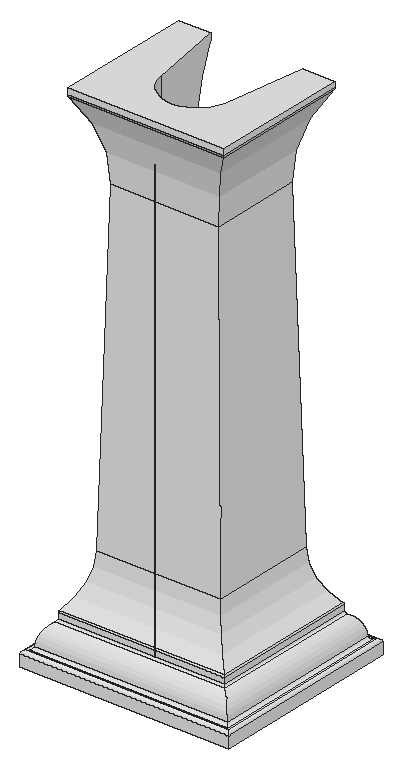
Revit family "Sink-Pedestal-KOHLER-Memoirs-K-2267X_1", category Specialty Equipment, host Face, Revit 2017
Family settings
  Host = Face
  Round Connector Dimension = Use Diameter
  Part Type = Normal
  OmniClass Number = 23.31.25.00
  OmniClass Title = Toilet and Bath Specialties
  Cut with Voids When Loaded = No
  Shared = No
  Room Calculation Point = No
Parameters (values of type "0-White")
  Width = 11.04331"  # constant formula
  WaterSense Certified = 1 = 0  # no
  URL = "https://www.kohler.co.th/en"
  Type = 1
  Product Page URL = "https://www.kohler.co.th/en/productDetails/2267X?skuid=2267X-0"
  Product Name = "Memoirs"  # constant formula
  Product Documentation Link = "http://resources.kohler.com/plumbing/kohlerapac/pdf/115706-X4-D.pdf"
  Model = "K-2267X-0"  # constant formula
  Material = "Fireclay"  # constant formula
  Master Format 2014 Name = "Toilet, Bath, and Laundry Accessories"  # constant formula
  Master Format 2014 = "10 28 00"  # constant formula
  Manufacturer Address = "16th Floor, Jasmine City Building 2, Soi Sukhumvit 23, Sukhumvit Road, Khlong Toei Nuea, Watthana, Bangkok 10110"  # constant formula
  Manufacturer = "KOHLER Co."  # constant formula
  Length = 10.12598"  # constant formula
  Height = 27.24016"  # constant formula
  Finish = KOHLER-Fireclay-0-White
  Environmental Product Declaration = ""
  Description = "Pedestal Lavatory"  # constant formula
  Default Elevation = 0"
  Declare Label = ""
  Date Modified = "08/13/2020"  # constant formula
  Date Created = "08/13/2020"  # constant formula
  Copyright = "Copyright KOHLER Co."  # constant formula
  Contact Us = "https://www.kohler.co.th/en/contact-us"
  Assembly Code = "C1030200"
  ADA Compliant = 1 = 0  # no
Reference planes (in)
  plane 1 "Center (Front/Back)": y = 0
  plane 2: z = 0
  plane 3 "Center (Left/Right)": x = 0
  plane 4: x = 5.52099
  plane 5: x = -5.52231
  plane 6: y = -10.12598
  plane 7: y = -5.06234
  plane 8: z = 27.24016
Dimensions and locks (in)
  "Height": plane 8 to plane 2
  "Length": plane 6 to plane 1 "Center (Front/Back)"
  "Width": plane 5 to plane 4
  plane 1 "Center (Front/Back)" to plane 7 = 5.06234"
  aligned and locked: plane 2 to host face
  aligned and locked: level to host face
Automatic sketch dimensions
  host sketch curve to host sketch curve = 96"  (x2)
Nested families (in)
  nested 1: "K-2267X" at (0, -6.875, 0), type "K-2267X"
Definition of nested family "K-2267X"
  Parameters (values of type "K-2267X")
    Material = none
  Reference planes (in)
    plane 1 "Center (Front/Back)": y = 0
    plane 2: z = 0
    plane 3 "Center (Left/Right)": x = 0
    plane 4: z = 27.241
    plane 5: x = -5.52099
    plane 6: x = 5.52099
    plane 7: y = 6.875
    plane 8: y = 1.81266
    plane 9: y = -3.24969
  Forms (in)
    Sweep 1, solid, material <- "Material", detail levels medium+fine
      path origin (0, 0, 0) x (1, 0, 0) y (0, 1, 0)
        loop
          line (5.52099, -3.24969) -> (5.52099, 6.875) -> (-5.52099, 6.875) -> (-5.52099, -3.24969) -> (5.52099, -3.24969)
      profile origin (0, -3.24969, 0) x (0, -1, 0) y (0, 0, 1)
        loop
          line (0, 0) -> (0, 0.57898)
          arc (0, 0.57898) -> (-0.04951, 0.6985) -> (-0.16903, 0.74801) r 0.16903
          line (-0.16903, 0.74801) -> (-0.28352, 0.74801)
          arc (-0.28352, 0.74801) -> (-0.39581, 0.79548) -> (-0.44, 0.90912) r 0.15655
          arc (-0.44, 0.90912) -> (-0.59374, 1.54863) -> (-1.04974, 2.02264) r 1.2554
          arc (-1.04974, 2.02264) -> (-1.10121, 2.07538) -> (-1.12, 2.14663) r 0.14453
          line (-1.12, 2.14663) -> (-1.12, 2.44427)
          arc (-1.12, 2.44427) -> (-1.12989, 2.49709) -> (-1.15821, 2.54275) r 0.14601
          arc (-1.15821, 2.54275) -> (-1.9545, 3.81492) -> (-2.24884, 5.28661) r 4.17013
          arc (-2.24884, 5.28661) -> (-2.42092, 13.93618) -> (-2.65233, 22.58437) r 1261.0172
          arc (-2.65233, 22.58437) -> (-2.3739, 24.80473) -> (-1.43169, 26.83445) r 7.25085
          arc (-1.43169, 26.83445) -> (-1.41102, 26.87812) -> (-1.40392, 26.92591) r 0.16451
          line (-1.40392, 26.92591) -> (-1.40392, 27.241) -> (-3.24969, 27.241) -> (-3.24969, 0) -> (0, 0)
    Extrusion 2, solid, material <- "Material", detail levels coarse
      sketch origin (0, 0, 0) x (1, 0, 0) y (0, 0, 1)
        loop
          line (-5.52099, 0) -> (5.52588, 0) -> (5.52588, 2.5) -> (-5.52099, 2.5) -> (-5.52099, 0)
      from -6.875 to 3.24969
    Extrusion 3, solid, material <- "Material", detail levels coarse
      sketch origin (0, 0, 0) x (1, 0, 0) y (0, 0, 1)
        loop
          line (-3.24207, 27.241) -> (-3.24207, 1.991) -> (3.25793, 1.991) -> (3.25793, 27.241) -> (-3.24207, 27.241)
      from -4.63351 to 0.94915
    Extrusion 4, solid, material <- "Material", detail levels medium+fine
      sketch origin (0, 0, 0) x (1, 0, 0) y (0, 1, 0)
        loop
          line (2.27131, 3.62531) -> (-2.27131, 3.62531) -> (-2.27131, 0) -> (2.27131, 0) -> (2.27131, 3.62531)
      from 0 to 27.241
    Extrusion 5, void
      sketch origin (0, 0, 0) x (1, 0, 0) y (0, 1, 0)
        loop
          line (2.75397, 7.375) -> (-2.75397, 7.375) -> (-1.74381, 1.29357)
          arc (-1.74381, 1.29357) -> (0, -0.18448) -> (1.74381, 1.29357) r 1.7677
          line (1.74381, 1.29357) -> (2.75397, 7.375)
      from -1.76842 to 28.49561
    Extrusion 6, solid, material <- "Material", detail levels medium+fine
      sketch origin (0, 0, 0) x (1, 0, 0) y (0, 1, 0)
        loop
          arc (-1.74381, 1.29357) -> (0, -0.18448) -> (1.74381, 1.29357) r 1.7677
          line (1.74381, 1.29357) -> (2.66658, 6.84888)
          arc (2.66658, 6.84888) -> (2.55942, 6.84386) -> (2.49728, 6.75641) r 0.12253
          line (2.49728, 6.75641) -> (2.19675, 4.9471)
          arc (2.19675, 4.9471) -> (2.09007, 4.75912) -> (1.88715, 4.68469) r 0.31384
          line (1.88715, 4.68469) -> (-1.88715, 4.68469)
          arc (-1.88715, 4.68469) -> (-2.09007, 4.75912) -> (-2.19675, 4.9471) r 0.31384
          line (-2.19675, 4.9471) -> (-2.49728, 6.75641)
          arc (-2.49728, 6.75641) -> (-2.55942, 6.84386) -> (-2.66658, 6.84888) r 0.12253
          line (-2.66658, 6.84888) -> (-1.74381, 1.29357)
        loop
          circle (0, 1.81266) r 0.25
      from 0 to 0.35656
  Cuts and joins
    Extrusion 5 cuts Extrusion 3
    joined: Extrusion 2, Extrusion 3
    Extrusion 5 cuts Sweep 1
    Extrusion 5 cuts Extrusion 4
    joined: Sweep 1, Extrusion 4, Extrusion 6
  Lines and regions (in)
    Masking region 1
      outline origin (0, 0, 0) x (0, 1, 0) y (0, 0, 1)
        loop
          line (-3.24969, 0) -> (6.87469, 0) -> (6.87469, 0.57898)
          arc (6.87469, 0.57898) -> (6.82518, 0.6985) -> (6.70566, 0.74801) r 0.16903
          line (6.70566, 0.74801) -> (6.59117, 0.74801)
          arc (6.59117, 0.74801) -> (6.47887, 0.79548) -> (6.43469, 0.90912) r 0.15655
          arc (6.43469, 0.90912) -> (6.28095, 1.54863) -> (5.82495, 2.02264) r 1.2554
          arc (5.82495, 2.02264) -> (5.77347, 2.07538) -> (5.75469, 2.14663) r 0.14453
          line (5.75469, 2.14663) -> (5.75469, 2.44427)
          arc (5.75469, 2.44427) -> (5.7448, 2.49709) -> (5.71648, 2.54275) r 0.14601
          arc (5.71648, 2.54275) -> (4.92019, 3.81492) -> (4.62585, 5.28661) r 4.17013
          arc (4.62585, 5.28661) -> (4.45377, 13.93618) -> (4.22236, 22.58437) r 1261.0172
          arc (4.22236, 22.58437) -> (4.50079, 24.80473) -> (5.44299, 26.83445) r 7.25085
          arc (5.44299, 26.83445) -> (5.46367, 26.87812) -> (5.47076, 26.92591) r 0.16451
          line (5.47076, 26.92591) -> (5.47076, 27.241) -> (-1.84576, 27.241) -> (-1.84576, 26.92591)
          arc (-1.84576, 26.92591) -> (-1.83867, 26.87812) -> (-1.81799, 26.83445) r 0.16451
          arc (-1.81799, 26.83445) -> (-0.87579, 24.80473) -> (-0.59736, 22.58437) r 7.25085
          arc (-0.59736, 22.58437) -> (-0.82877, 13.93618) -> (-1.00085, 5.28661) r 1261.0172
          arc (-1.00085, 5.28661) -> (-1.29519, 3.81492) -> (-2.09148, 2.54275) r 4.17013
          arc (-2.09148, 2.54275) -> (-2.1198, 2.49709) -> (-2.12969, 2.44427) r 0.14601
          line (-2.12969, 2.44427) -> (-2.12969, 2.14663)
          arc (-2.12969, 2.14663) -> (-2.14847, 2.07538) -> (-2.19995, 2.02264) r 0.14453
          arc (-2.19995, 2.02264) -> (-2.65595, 1.54863) -> (-2.80969, 0.90912) r 1.2554
          arc (-2.80969, 0.90912) -> (-2.85387, 0.79548) -> (-2.96617, 0.74801) r 0.15655
          line (-2.96617, 0.74801) -> (-3.08066, 0.74801)
          arc (-3.08066, 0.74801) -> (-3.20018, 0.6985) -> (-3.24969, 0.57898) r 0.16903
          line (-3.24969, 0.57898) -> (-3.24969, 0)
    Masking region 2
      outline origin (0, 0, 0) x (1, 0, 0) y (0, 0, 1)
        loop
          line (-5.52099, 0) -> (5.52099, 0) -> (5.52099, 0.57898)
          arc (5.52099, 0.57898) -> (5.47149, 0.6985) -> (5.35197, 0.74801) r 0.16903
          line (5.35197, 0.74801) -> (5.23748, 0.74801)
          arc (5.23748, 0.74801) -> (5.12518, 0.79548) -> (5.08099, 0.90912) r 0.15655
          arc (5.08099, 0.90912) -> (4.92725, 1.54863) -> (4.47125, 2.02264) r 1.2554
          arc (4.47125, 2.02264) -> (4.41978, 2.07538) -> (4.40099, 2.14663) r 0.14453
          line (4.40099, 2.14663) -> (4.40099, 2.44427)
          arc (4.40099, 2.44427) -> (4.39111, 2.49709) -> (4.36279, 2.54275) r 0.14601
          arc (4.36279, 2.54275) -> (3.56649, 3.81492) -> (3.27215, 5.28661) r 4.17013
          arc (3.27215, 5.28661) -> (3.10008, 13.93618) -> (2.86867, 22.58437) r 1261.0172
          arc (2.86867, 22.58437) -> (3.14709, 24.80473) -> (4.0893, 26.83445) r 7.25085
          arc (4.0893, 26.83445) -> (4.10997, 26.87812) -> (4.11707, 26.92591) r 0.16451
          line (4.11707, 26.92591) -> (4.11707, 27.241) -> (-4.11707, 27.241) -> (-4.11707, 26.92591)
          arc (-4.11707, 26.92591) -> (-4.10997, 26.87812) -> (-4.0893, 26.83445) r 0.16451
          arc (-4.0893, 26.83445) -> (-3.14709, 24.80473) -> (-2.86867, 22.58437) r 7.25085
          arc (-2.86867, 22.58437) -> (-3.10008, 13.93618) -> (-3.27215, 5.28661) r 1261.0172
          arc (-3.27215, 5.28661) -> (-3.56649, 3.81492) -> (-4.36279, 2.54275) r 4.17013
          arc (-4.36279, 2.54275) -> (-4.39111, 2.49709) -> (-4.40099, 2.44427) r 0.14601
          line (-4.40099, 2.44427) -> (-4.40099, 2.14663)
          arc (-4.40099, 2.14663) -> (-4.41978, 2.07538) -> (-4.47125, 2.02264) r 0.14453
          arc (-4.47125, 2.02264) -> (-4.92725, 1.54863) -> (-5.08099, 0.90912) r 1.2554
          arc (-5.08099, 0.90912) -> (-5.12518, 0.79548) -> (-5.23748, 0.74801) r 0.15655
          line (-5.23748, 0.74801) -> (-5.35197, 0.74801)
          arc (-5.35197, 0.74801) -> (-5.47149, 0.6985) -> (-5.52099, 0.57898) r 0.16903
          line (-5.52099, 0.57898) -> (-5.52099, 0)
    Masking region 3
      outline origin (0, 0, 0) x (1, 0, 0) y (0, 1, 0)
        loop
          line (5.52099, -3.24969) -> (5.52099, 6.875) -> (2.59313, 6.875)
          arc (2.59313, 6.875) -> (2.53504, 6.85369) -> (2.5045, 6.79988) r 0.08984
          line (2.5045, 6.79988) -> (2.19675, 4.9471)
          arc (2.19675, 4.9471) -> (2.09007, 4.75912) -> (1.88715, 4.68469) r 0.31384
          line (1.88715, 4.68469) -> (-1.88715, 4.68469)
          arc (-1.88715, 4.68469) -> (-2.09007, 4.75912) -> (-2.19675, 4.9471) r 0.31384
          line (-2.19675, 4.9471) -> (-2.50429, 6.79857)
          arc (-2.50429, 6.79857) -> (-2.53536, 6.85332) -> (-2.59446, 6.875) r 0.0914
          line (-2.59446, 6.875) -> (-5.52099, 6.875) -> (-5.52099, -3.24969) -> (5.52099, -3.24969)
    symbolic lines, detail levels medium+fine
      curve 1: line (0, -1.84576, 26.92591) -> (0, 5.47103, 26.92591)
      curve 2: line (0, -2.20008, 2.02325) -> (0, 5.8254, 2.02325)
      curve 3: line (0, -2.96577, 0.75148) -> (0, 6.59109, 0.75148)
      curve 4: line (-4.08927, 0, 26.83449) -> (4.08927, 0, 26.83449)
      curve 5: line (-5.23708, 0, 0.75148) -> (5.23708, 0, 0.75148)
      curve 6: line (-4.47139, 0, 2.02325) -> (4.47023, 0, 2.02325)
      curve 7: line (-2.67092, 6.875, 0) -> (-1.74381, 1.29357, 0)
      curve 8: arc (-1.74381, 1.29357, 0) -> (0, -0.18448, 0) -> (1.74381, 1.29357, 0) r 1.7677
      curve 9: line (1.74381, 1.29357, 0) -> (2.67092, 6.875, 0)
      curve 10: line (4.11707, -1.84576, 0) -> (4.11707, 5.47112, 0)
      curve 11: line (4.36255, 5.75457, 0) -> (4.40099, -2.12969, 0)
      curve 12: line (5.07852, -2.80969, 0) -> (5.07852, 6.43253, 0)
      curve 13: line (-4.11711, 5.47112, 0) -> (-4.11707, -1.84576, 0)
      curve 14: line (-4.40056, 5.75457, 0) -> (-4.40099, -2.12969, 0)
      curve 15: line (-5.08099, -2.80969, 0) -> (-5.07852, 6.43253, 0)
      curve 16: line (-4.11707, -1.84576, 0) -> (4.11707, -1.84576, 0)
      curve 17: line (-4.40099, -2.12969, 0) -> (4.40099, -2.12969, 0)
      curve 18: line (-5.08099, -2.80969, 0) -> (5.07852, -2.80969, 0)
      curve 19: circle (0, 1.81266, 0) r 0.25 normal (0, 0, -1)
      curve 20: line (4.11707, 5.47112, 0) -> (2.43772, 5.47112, 0)
      curve 21: line (4.36255, 5.75457, 0) -> (2.48481, 5.75457, 0)
      curve 22: line (5.07852, 6.43253, 0) -> (2.59742, 6.43253, 0)
      curve 23: line (-4.11711, 5.47112, 0) -> (-2.43772, 5.47112, 0)
      curve 24: line (-4.40056, 5.75457, 0) -> (-2.48481, 5.75457, 0)
      curve 25: line (-5.07852, 6.43253, 0) -> (-2.59742, 6.43253, 0)
      curve 26: line (-4.40099, 0, 2.44427) -> (4.40099, 0, 2.44427)
      curve 27: line (0, -2.12969, 2.44427) -> (0, 5.75469, 2.44427)
  Dimensions and locks (in)
    equal spacing: plane 5, plane 3 "Center (Left/Right)", plane 6
    plane 5 to plane 6 = 11.04198"
    plane 4 to plane 2 = 27.241"
    aligned and locked: plane 2 to level
  Automatic sketch dimensions
    Sweep 1 sketch curve to plane 5 = 0"
    Sweep 1 sketch curve to plane 6 = 0"
    plane 1 "Center (Front/Back)" to Sweep 1 sketch curve = 3.24969"
    Sweep 1 sketch curve to level = 0"
    Sweep 1 sketch curve to profile plane = 0"
    profile plane to Sweep 1 sketch curve = 0.16903"
    Sweep 1 sketch curve to Sweep 1 sketch curve = 0.11449"
    profile plane to Sweep 1 sketch curve = 0.97547"
    Sweep 1 sketch curve to Sweep 1 sketch curve = 37/256"
    Sweep 1 sketch curve to Sweep 1 sketch curve = 0.14601"
    profile plane to Sweep 1 sketch curve = 1.40392"
    Sweep 1 sketch curve to Sweep 1 sketch curve = 0.16451"
    Sweep 1 sketch curve to Sweep 1 sketch curve = 0.57487"
    Sweep 1 sketch curve to Sweep 1 sketch curve = 1.68125"
    Sweep 1 sketch curve to level = 15.47013"
    Sweep 1 sketch curve to Sweep 1 sketch curve = 1259.84551"
    Sweep 1 sketch curve to profile plane = 1.92072"
    Sweep 1 sketch curve to profile plane = 4.59522"
    level to Sweep 1 sketch curve = 0.57898"
    Sweep 1 sketch curve to Sweep 1 sketch curve = 0.15655"
    level to Sweep 1 sketch curve = 0.94568"
    Sweep 1 sketch curve to Sweep 1 sketch curve = 1.20095"
    Sweep 1 sketch curve to Sweep 1 sketch curve = 0.29764"
    Sweep 1 sketch curve to Sweep 1 sketch curve = 2.91098"
    Sweep 1 sketch curve to Sweep 1 sketch curve = 17.44793"
    Sweep 1 sketch curve to Sweep 1 sketch curve = 4.12273"
    Sweep 1 sketch curve to Sweep 1 sketch curve = 0.31509"
    Sweep 1 sketch curve to Sweep 1 sketch curve = 0"  (x4)
    Masking region 1 sketch curve to level = 0"
    plane 4 to Masking region 1 sketch curve = 0"
    Masking region 1 sketch curve to level = 15.47013"  (x2)
    plane 1 "Center (Front/Back)" to Masking region 1 sketch curve = 1256.22051"
    plane 1 "Center (Front/Back)" to Masking region 1 sketch curve = 7.84491"
    plane 1 "Center (Front/Back)" to Masking region 1 sketch curve = 5.17041"
    level to Masking region 1 sketch curve = 0.57898"  (x2)
    plane 1 "Center (Front/Back)" to Masking region 1 sketch curve = 3.24969"
    Masking region 1 sketch curve to Masking region 1 sketch curve = 0.16903"  (x2)
    Masking region 1 sketch curve to Masking region 1 sketch curve = 0.11449"  (x2)
    Masking region 1 sketch curve to Masking region 1 sketch curve = 0.69195"
    Masking region 1 sketch curve to Masking region 1 sketch curve = 37/256"  (x2)
    Masking region 1 sketch curve to Masking region 1 sketch curve = 0.14601"  (x2)
    plane 1 "Center (Front/Back)" to Masking region 1 sketch curve = 1.84576"
    Masking region 1 sketch curve to Masking region 1 sketch curve = 0.16451"  (x2)
    Masking region 1 sketch curve to Masking region 1 sketch curve = 0.57487"
    level to Masking region 1 sketch curve = 0.94568"  (x2)
    plane 4 to Masking region 1 sketch curve = 0.31509"
    Masking region 1 sketch curve to Masking region 1 sketch curve = 0.42886"
    Masking region 1 sketch curve to Masking region 1 sketch curve = 1.41135"
    Masking region 1 sketch curve to Masking region 1 sketch curve = 3.04072"
    Masking region 1 sketch curve to Masking region 1 sketch curve = 5.99914"
    Masking region 1 sketch curve to Masking region 1 sketch curve = 1248.37561"
    Masking region 1 sketch curve to Masking region 1 sketch curve = 0.15655"  (x2)
    Masking region 1 sketch curve to Masking region 1 sketch curve = 1.23752"  (x2)
    Masking region 1 sketch curve to Masking region 1 sketch curve = 0.29764"  (x2)
    Masking region 1 sketch curve to Masking region 1 sketch curve = 2.91098"  (x2)
    plane 4 to Masking region 1 sketch curve = 4.43782"  (x2)
    Masking region 1 sketch curve to Masking region 1 sketch curve = 0.31509"
    Masking region 1 sketch curve to Masking region 1 sketch curve = 0"  (x7)
    Masking region 2 sketch curve to level = 0"
    plane 5 to Masking region 2 sketch curve = 0"
    Masking region 2 sketch curve to plane 4 = 0"
    Masking region 2 sketch curve to plane 6 = 0"
    plane 5 to Masking region 2 sketch curve = 1.92072"
    plane 5 to Masking region 2 sketch curve = 4.59522"
    Masking region 2 sketch curve to level = 15.47013"  (x2)
    Masking region 2 sketch curve to Masking region 2 sketch curve = 1247.458"  (x2)
    Masking region 2 sketch curve to plane 5 = 0.16903"
    Masking region 2 sketch curve to Masking region 2 sketch curve = 0.11449"  (x2)
    Masking region 2 sketch curve to plane 5 = 0.97547"
    Masking region 2 sketch curve to Masking region 2 sketch curve = 37/256"  (x2)
    Masking region 2 sketch curve to Masking region 2 sketch curve = 0.14601"  (x2)
    plane 4 to Masking region 2 sketch curve = 0.31509"  (x2)
    Masking region 2 sketch curve to plane 5 = 1.40392"
    Masking region 2 sketch curve to Masking region 2 sketch curve = 0.16451"  (x2)
    Masking region 2 sketch curve to Masking region 2 sketch curve = 0.57487"
    Masking region 2 sketch curve to plane 6 = 1.69487"
    Masking region 2 sketch curve to plane 6 = 1.56843"
    Masking region 2 sketch curve to plane 6 = 1.26601"
    Masking region 2 sketch curve to plane 6 = 0.28352"
    plane 6 to Masking region 2 sketch curve = 1.92072"
    plane 6 to Masking region 2 sketch curve = 4.59522"
    Masking region 2 sketch curve to Masking region 2 sketch curve = 0.57898"
    level to Masking region 2 sketch curve = 0.57898"
    Masking region 2 sketch curve to Masking region 2 sketch curve = 0.15655"  (x2)
    level to Masking region 2 sketch curve = 0.94568"  (x2)
    Masking region 2 sketch curve to Masking region 2 sketch curve = 1.23752"  (x2)
    Masking region 2 sketch curve to Masking region 2 sketch curve = 0.29764"  (x2)
    Masking region 2 sketch curve to Masking region 2 sketch curve = 2.91098"  (x2)
    plane 4 to Masking region 2 sketch curve = 4.43782"  (x2)
    Masking region 2 sketch curve to Masking region 2 sketch curve = 0"  (x7)
    Masking region 2 sketch curve to plane 6 = 2 167/256"
    plane 5 to Extrusion 2 sketch curve = 0"
    Extrusion 2 sketch curve to level = 0"
    plane 6 to Extrusion 2 sketch curve = 0.00489"
    Extrusion 2 sketch curve to Extrusion 2 sketch curve = 2 1/2"
    Extrusion 3 sketch curve to plane 4 = 0"
    Extrusion 3 sketch curve to plane 5 = 2.27892"
    Extrusion 3 sketch curve to plane 6 = 2.26306"
    level to Extrusion 3 sketch curve = 1.991"
    plane 1 "Center (Front/Back)" to Extrusion 4 sketch curve = 0"
    Extrusion 4 sketch curve to plane 3 "Center (Left/Right)" = 2.27131"
    plane 3 "Center (Left/Right)" to Extrusion 4 sketch curve = 2.27131"
    Extrusion 5 sketch curve to plane 3 "Center (Left/Right)" = 0"
    Extrusion 5 sketch curve to plane 3 "Center (Left/Right)" = 1.74381"
    Extrusion 5 sketch curve to plane 3 "Center (Left/Right)" = 2.75397"
    plane 3 "Center (Left/Right)" to Extrusion 5 sketch curve = 2.75397"
    Extrusion 6 sketch curve to plane 3 "Center (Left/Right)" = 0"  (x2)
    Extrusion 6 sketch curve to plane 3 "Center (Left/Right)" = 1.74381"
    Extrusion 6 sketch curve to plane 3 "Center (Left/Right)" = 1.88715"
    Extrusion 6 sketch curve to Extrusion 6 sketch curve = 0.3096"  (x2)
    Extrusion 6 sketch curve to Extrusion 6 sketch curve = 0.30054"  (x2)
    Extrusion 6 sketch curve to Extrusion 6 sketch curve = 0.12087"  (x2)
    Extrusion 6 sketch curve to Extrusion 6 sketch curve = 0.04842"  (x2)
    plane 3 "Center (Left/Right)" to Extrusion 6 sketch curve = 1.88715"
    Extrusion 6 sketch curve to Extrusion 6 sketch curve = 0.26241"  (x2)
    Extrusion 6 sketch curve to Extrusion 6 sketch curve = 1.78923"  (x2)
    Extrusion 6 sketch curve to Extrusion 6 sketch curve = 0.02008"  (x2)
    Sweep 1 sketch curve to plane 7 = 0"
    Masking region 1 sketch curve to plane 7 = 1.69518"
    Masking region 1 sketch curve to plane 7 = 1.56875"
    Masking region 1 sketch curve to plane 7 = 2.65264"
    Extrusion 4 sketch curve to plane 7 = 3.24969"
    Extrusion 5 sketch curve to plane 1 "Center (Front/Back)" = 1.29357"
    plane 3 "Center (Left/Right)" to Extrusion 5 sketch curve = 1.74381"
    Extrusion 5 sketch curve to plane 1 "Center (Front/Back)" = 1.58322"
    plane 7 to Extrusion 5 sketch curve = 1/2"
    Extrusion 6 sketch curve to plane 1 "Center (Front/Back)" = 1.29357"
    plane 3 "Center (Left/Right)" to Extrusion 6 sketch curve = 1.74381"
    Extrusion 6 sketch curve to plane 1 "Center (Front/Back)" = 1.58322"
    Extrusion 6 sketch curve to Extrusion 6 sketch curve = 0.22943"
    Extrusion 6 sketch curve to plane 7 = 2.19031"
    Masking region 3 sketch curve to plane 5 = 0"
    Masking region 3 sketch curve to plane 7 = 0"  (x2)
    Masking region 3 sketch curve to plane 6 = 0"
    plane 9 to Masking region 3 sketch curve = 0"
    Masking region 3 sketch curve to plane 3 "Center (Left/Right)" = 2.59446"
    Masking region 3 sketch curve to plane 7 = 0.07643"
    Masking region 3 sketch curve to Masking region 3 sketch curve = 0.09017"
    Masking region 3 sketch curve to Masking region 3 sketch curve = 0.30754"
    Masking region 3 sketch curve to Masking region 3 sketch curve = 0.3096"  (x2)
    plane 3 "Center (Left/Right)" to Masking region 3 sketch curve = 1.88715"
    Masking region 3 sketch curve to plane 7 = 0.07512"
    Masking region 3 sketch curve to Masking region 3 sketch curve = 0.30776"
    Masking region 3 sketch curve to Masking region 3 sketch curve = 0.08863"
    Masking region 3 sketch curve to Masking region 3 sketch curve = 2.11519"
    Masking region 3 sketch curve to Masking region 3 sketch curve = 0.26241"  (x2)
    curve 7 to plane 7 = 0"
    curve 19 to plane 3 "Center (Left/Right)" = 0"
    curve 8 to plane 3 "Center (Left/Right)" = 0"
    curve 9 to plane 7 = 0"
    plane 8 to curve 19 = 0"
    plane 8 to curve 7 = 0.51909"
    curve 7 to plane 3 "Center (Left/Right)" = 1.74381"
    curve 16 to plane 5 = 1.40392"
    curve 13 to plane 5 = 1.40388"
    curve 14 to curve 23 = 0.28344"
    curve 17 to curve 13 = 0.28392"  (x2)
    curve 25 to plane 5 = 0.44247"
    curve 15 to plane 5 = 0.44"
    plane 8 to curve 9 = 0.51909"
    curve 20 to plane 6 = 1.40392"
    curve 10 to curve 21 = 0.24548"
    curve 10 to curve 17 = 0.28392"
    curve 18 to plane 6 = 0.44247"
    curve 16 to plane 9 = 1.40392"
    curve 12 to plane 9 = 0.44"
    plane 8 to curve 8 = 0.22943"
    curve 13 to plane 7 = 1.40388"
    curve 20 to plane 7 = 1.40388"
    curve 23 to curve 24 = 0.28345"
    curve 10 to curve 11 = 0.28345"
    curve 22 to plane 7 = 0.44247"
    curve 25 to plane 7 = 0.44247"
    curve 13 to curve 23 = 1.67939"
    curve 20 to curve 10 = 1.67935"
    curve 5 to plane 5 = 0.28392"
    level to curve 5 = 0.75148"
    curve 6 to plane 5 = 1.0496"
    curve 6 to curve 26 = 0.0704"
    plane 4 to curve 4 = 0.40651"
    curve 4 to plane 5 = 1.43173"
    curve 4 to plane 6 = 1.43173"
    curve 26 to plane 6 = 1.12"
    curve 26 to curve 6 = 0.06924"
    curve 5 to plane 6 = 0.28391"
    curve 5 to curve 6 = 1.27177"
    curve 6 to curve 26 = 0.42102"
    curve 3 to plane 9 = 0.28392"
    level to curve 3 = 0.75148"
    curve 2 to plane 9 = 1.04961"
    curve 2 to curve 27 = 0.07039"
    plane 4 to curve 1 = 0.31509"
    curve 1 to plane 9 = 1.40392"
    curve 1 to plane 7 = 1.40397"
    curve 27 to plane 7 = 1.12031"
    curve 27 to curve 2 = 0.07071"
    curve 3 to plane 7 = 0.28391"
    curve 3 to curve 2 = 1.27177"
    curve 2 to curve 27 = 0.42102"
    radius of Extrusion 6 sketch curve = 1/4"
    radius of curve 19 = 1/4"
